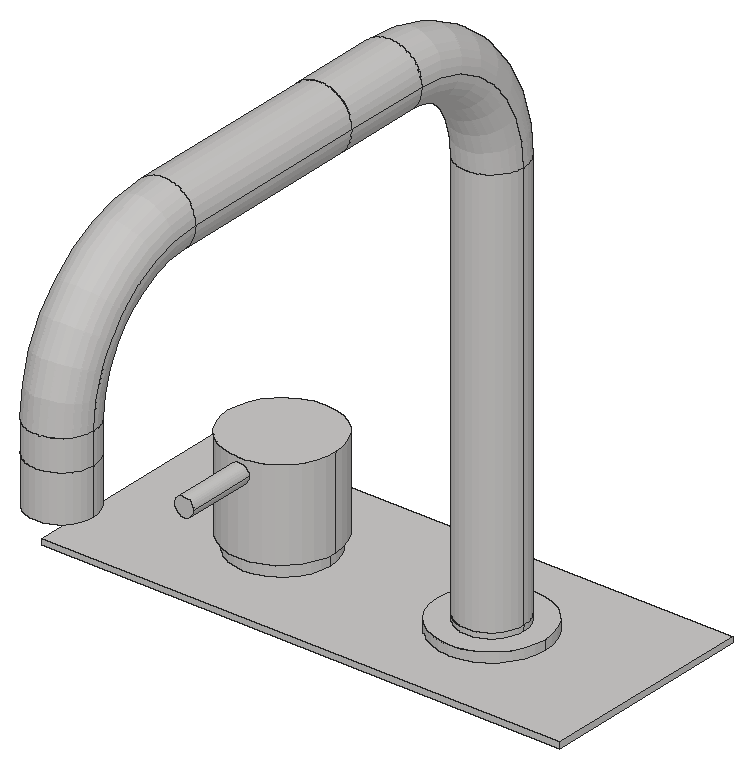
Revit family "BK5", category Generic Models, Revit 2021
Family settings
  Can host rebar = No
  Round Connector Dimension = Use Diameter
  Part Type = Normal
  Work Plane-Based = No
  Always vertical = Yes
  Cut with Voids When Loaded = No
  Shared = No
  Room Calculation Point = No
Parameters (values of type "Standard")
  e-mail = "info@vola.com"
  URL = "http://vola.com"
  Telephone = "+45 7023 5500"
  Quality management standard = "ISO 9001"
  Organisation no. / DUNS no. = "17531328"
  Occupational health and safety management standard = "ISO 18001"
  Mounting Instructions = "http://vola.com/service/producturl.ashx?name=BK5"
  Model = "BK5"
  Materials and components information = "http://vola.com/service/producturl.ashx?name=BK5"
  Manufacturer = "VOLA A/S"
  Maintenance Instructions = "http://vola.com/service/producturl.ashx?name=BK5"
  Guarantee = "2 years"
  Flow = "30,00 l/min"
  Environmental management standard = "ISO 14000"
  Default Elevation = 0.0000 mm
  Connection - All relevant connections = "½\" flexible hose"
  Approvals = "http://vola.com/service/producturl.ashx?name=BK5"
Reference planes
  plane 1 "Center (Front/Back)": y = 0
  plane 2: z = 0
  plane 3 "Center (Left/Right)": x = 0
Forms (mm)
  Extrusion 1, solid, material "Stainless Steel"
    sketch origin (0, 0, 6.5) x (1, 0, 0) y (0, 1, 0)
      loop
        line (-135.5, 40) -> (-135.5, -40) -> (57.5, -40) -> (57.5, 40) -> (-135.5, 40)
    from -6.5 to -4.5
  Extrusion 2, solid, material "Stainless Steel"
    sketch origin (0, 0, 2) x (1, 0, 0) y (0, 1, 0)
      loop
        circle (0, 0) r 20
    from 0 to 3.5
  Extrusion 3, solid, material "Stainless Steel"
    sketch origin (0, 0, 5.5) x (1, 0, 0) y (0, 1, 0)
      loop
        circle (0, 0) r 12
    from 0 to 2
  Sweep 4, solid, material "Stainless Steel"
    path origin (0, 0, 0) x (0, 1, 0) y (0, 0, 1)
      loop
        line (0, 7.5) -> (0, 160)
        arc (0, 160) -> (-13.912, 193.588) -> (-47.5, 207.5) r 47.5
        line (-47.5, 207.5) -> (-80, 207.5)
    profile origin (0, 0, 83.75) x (0, -1, 0) y (1, 0, 0)
      loop
        circle (0, 0) r 12
  Sweep 5, solid, material "Stainless Steel"
    path origin (0, 0, 0) x (0, 1, 0) y (0, 0, 1)
      loop
        line (-80, 207.5) -> (-152.5, 207.5)
        arc (-152.5, 207.5) -> (-186.088, 193.588) -> (-200, 160) r 47.5
        line (-200, 160) -> (-200, 148.5)
    profile origin (0, -116.25, 207.5) x (0, 0, -1) y (1, 0, 0)
      loop
        circle (0, 0) r 12
  Extrusion 6, solid, material "Stainless Steel"
    sketch origin (0, -200, 148.5) x (0, -1, 0) y (-1, 0, 0)
      loop
        circle (0, 0) r 12
    from 0 to 17.2
  Extrusion 7, solid, material "Stainless Steel"
    sketch origin (-78, 0, 0) x (1, 0, 0) y (0, 1, 0)
      loop
        circle (0, 0) r 20
    from 7 to 40.5
  Extrusion 8, solid, material "Stainless Steel"
    sketch origin (-78, 0, 0) x (1, 0, 0) y (0, 1, 0)
      loop
        circle (0, 0) r 18
    from 2 to 7
  Extrusion 9, solid, material "Stainless Steel"
    sketch origin (-78, 0, 0.75) x (1, 0, 0) y (0, 0, 1)
      loop
        circle (0, 34.5) r 3.5
    from 19 to 45.5
Cuts and joins
  joined: Extrusion 7, Extrusion 9
Lines and regions (mm)
  model lines
    curve 1: line (-71.95, 19.141, 40.5) -> (-71.95, -19.141, 40.5)
    curve 2: line (-84.05, 19.141, 40.5) -> (-84.05, -19.141, 40.5)
Dimensions and locks
  aligned and locked: plane 2 to level
